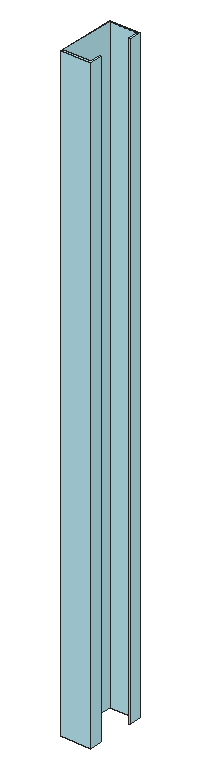
Revit family "(JIS)100×50×20×2.3", category 機械設備, Revit 2020
Family settings
  丸型コネクタ寸法 = 直径を使用
  種別 = なし
  パーツ タイプ = 標準
  作業面ベース = いいえ
  常に垂直 = はい
  ロード時にボイドで切り取り = いいえ
  共有 = いいえ
  部屋計算ポイント = いいえ
Parameters
  製造元 = "株式会社桐井製作所"
  既定の高さ = 0 mm
  URL = "https://www.kirii.co.jp/"
  K_長さ(mm) [instance] = 1000 mm
  K_材質 = "SSC400"
  K_断面積A(mm2) = 517.2
  K_断面係数Zy(mm3) = 6058
  K_断面係数Zx(mm3) = 16130
  K_断面2次半径iy(mm) = 19.2
  K_断面2次半径ix(mm) = 39.5
  K_断面2次モーメントIy(mm4) = 190000
  K_断面2次モーメントIx(mm4) = 806900
  K_外形寸法(mm) = "100×50×20×2.3"
  K_品名 = "(JIS)100×50×20×2.3"
  K_名称 = "補強材"
  K_単位質量(kg/m) = 4.101
  K_ヤング係数E(N/mm2) = 205000
  K_バージョン情報 = "20210524"
  K_めっき付着量 = "Z12"
  K_JIS規格 = "JIS G 3350"
Reference planes
  plane 1 "中心(正面/背面)": y = 0
  plane 2: z = 0
  plane 3 "中心(左/右)": x = 0
  plane 4: z = 1000
  plane 5: y = 100
Forms (mm)
  Extrusion 1, solid
    sketch origin (0, 0, 0) x (1, 0, 0) y (0, 1, 0)
      loop
        line (0, 0) -> (50, 0) -> (50, 20) -> (47.7, 20) -> (47.7, 2.3) -> (2.3, 2.3) -> (2.3, 97.7) -> (47.7, 97.7) -> (47.7, 80) -> (50, 80) -> (50, 100) -> (0, 100) -> (0, 0)
    from 0 to 1000
Dimensions and locks
  "K_長さ(mm)": plane 4 to plane 2
  aligned and locked: level to plane 2
  aligned and locked: plane 4 to Extrusion 1
  aligned and locked: plane 5 to Extrusion 1  (x2)
Automatic sketch dimensions
  Extrusion 1 sketch curve to plane 3 "中心(左/右)" = 0 mm
  plane 1 "中心(正面/背面)" to Extrusion 1 sketch curve = 0 mm
  plane 3 "中心(左/右)" to Extrusion 1 sketch curve = 2.3 mm
  Extrusion 1 sketch curve to plane 1 "中心(正面/背面)" = 20 mm
  Extrusion 1 sketch curve to Extrusion 1 sketch curve = 45.4 mm  (x2)
  Extrusion 1 sketch curve to Extrusion 1 sketch curve = 2.3 mm  (x3)
  Extrusion 1 sketch curve to plane 1 "中心(正面/背面)" = 2.3 mm
  Extrusion 1 sketch curve to Extrusion 1 sketch curve = 60 mm
  Extrusion 1 sketch curve to Extrusion 1 sketch curve = 17.7 mm
